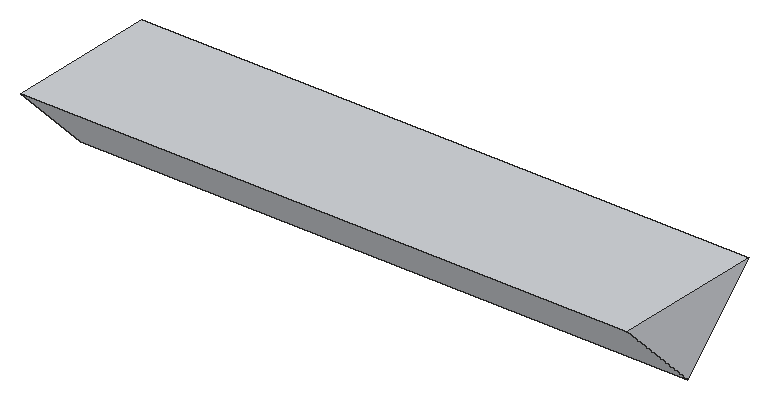
Revit family "2c267fe35bb94f63bd22b0df2c85b6a0", category Lighting Fixtures, host Face, Revit 2021
Family settings
  Host = Face
  Round Connector Dimension = Use Diameter
  Part Type = Normal
  OmniClass Number = 23.80.70.11.11
  OmniClass Title = General Luminaries, Non Directional
  Seek Item ID = Plain Recessed Lighting Fixture-0000-USA-ENU
  Cut with Voids When Loaded = No
  Light Source = Yes
  Shared = No
  Room Calculation Point = No
Parameters (values of type "1x4 - 120")
  Width = 1' - 0"
  Wattage = 64 W
  built-in parameter 1150110 = 1 (stored number, unit not read)
  built-in parameter 1150109 = 1 (stored number, unit not read)
  built-in parameter 1150134 = 8
  built-in parameter 1150113 = 1 (stored number, unit not read)
  Tilt Angle = -90.00°
  Lumens = 5699.84 lm
  built-in parameter 1114217 = 0.88 (stored number, unit not read)
  built-in parameter 1150115 = 1 (stored number, unit not read)
  built-in parameter 1150105 = 453.58 (stored number, unit not read)
  Load Classification = Lighting - Dwelling Unit
  built-in parameter 1150137 = 1
  built-in parameter 1150139 = (empty or 0)
  Length = 4' - 0"
  Photometric Web File = "1x42A12.ies"
  built-in parameter 1150112 = 1 (stored number, unit not read)
  built-in parameter 1150114 = 1 (stored number, unit not read)
  built-in parameter 1150132 = (empty or 0)
  built-in parameter 1150102 = (empty or 0)
  built-in parameter 1150138 = (empty or 0)
  built-in parameter 1150107 = 4230 (stored number, unit not read)
  built-in parameter 1150106 = 4.5358 (stored number, unit not read)
  Emit from Rectangle Width = Width  # 1' - 0"
  Emit from Rectangle Length = Length  # 4' - 0"
  Emit Shape Visible in Rendering = no
  built-in parameter 1150104 = 8.2739 (stored number, unit not read)
  Dimming Lamp Color Temperature Shift = <None>
  Depth = 0' - 6"
  Default Elevation = 4' - 0"
  Color Filter = 16777215
  built-in parameter 1140040 [instance] = 1
  Ballast Voltage = 120 V
  built-in parameter 1114218 = 0.88 (stored number, unit not read)
  built-in parameter 1150133 = 10 (stored number, unit not read)
  Assembly Code = ""
  Apparent Load = 64 VA
Types (8): name | Width | Wattage | Lumens | built-in parameter 1150105 | Length | Photometric Web File | built-in parameter 1150106 | Emit from Rectangle Width | Emit from Rectangle Length | built-in parameter 1150104 | Ballast Voltage | Apparent Load
  1x4 - 120 | 1' - 0" | 64 W | 5699.84 lm | 453.58 (stored number, unit not read) | 4' - 0" | "1x42A12.ies" | 4.5358 (stored number, unit not read) | 1' - 0" | 4' - 0" | 8.2739 (stored number, unit not read) | 120 V | 64 VA
  1x4 - 277 | 1' - 0" | 64 W | 5699.84 lm | 453.58 (stored number, unit not read) | 4' - 0" | "1x42A12.ies" | 4.5358 (stored number, unit not read) | 1' - 0" | 4' - 0" | 8.2739 (stored number, unit not read) | 277 V | 64 VA
  20x4 - 120 | 1' - 8" | 64 W | 5699.84 lm | 1657.5 (stored number, unit not read) | 4' - 0" | "20x42A12.ies" | 16.575 (stored number, unit not read) | 1' - 8" | 4' - 0" | 8.2739 (stored number, unit not read) | 120 V | 64 VA
  20x4 - 277 | 1' - 8" | 64 W | 5699.84 lm | 453.58 (stored number, unit not read) | 4' - 0" | "20x42A12.ies" | 4.5358 (stored number, unit not read) | 1' - 8" | 4' - 0" | 8.2739 (stored number, unit not read) | 277 V | 64 VA
  2x2 - 120 | 2' - 0" | 62 W | 5199.94 lm | 413.8 (stored number, unit not read) | 2' - 0" | "2x22UA12.ies" | 4.138 (stored number, unit not read) | 2' - 0" | 2' - 0" | 7.7918 (stored number, unit not read) | 120 V | 62 VA
  2x2 - 277 | 2' - 0" | 62 W | 5199.94 lm | 413.8 (stored number, unit not read) | 2' - 0" | "2x22UA12.ies" | 4.138 (stored number, unit not read) | 2' - 0" | 2' - 0" | 7.7918 (stored number, unit not read) | 277 V | 62 VA
  2x4 - 120 | 2' - 0" | 96 W | 8549.76 lm | 680.37 (stored number, unit not read) | 4' - 0" | "2x43A12.ies" | 6.8037 (stored number, unit not read) | 2' - 0" | 4' - 0" | 8.2739 (stored number, unit not read) | 120 V | 96 VA
  2x4 - 277 | 2' - 0" | 96 W | 8549.76 lm | 680.37 (stored number, unit not read) | 4' - 0" | "2x43A12.ies" | 6.8037 (stored number, unit not read) | 2' - 0" | 4' - 0" | 8.2739 (stored number, unit not read) | 277 V | 96 VA
Reference planes (in)
  plane 1 "Center (Front/Back)": y = 0
  plane 2: z = 0
  plane 3 "Center (Left/Right)": x = 0
  plane 4: x = 48
  plane 5: y = -12
  plane 6: z = -6
  plane 7: y = -6
  plane 8: x = 24
Forms (in)
  Extrusion 1, solid, detail levels medium
    sketch origin (0, 0, 0) x (1, 0, 0) y (0, 1, 0)
      loop
        line (-84, 83) -> (-84, -94.40654) -> (91.83112, -94.40654) -> (91.83112, 83) -> (-84, 83)
    from 0 to -12
  Extrusion 2, solid, detail levels fine
    sketch origin (0, -22.92492, 0) x (1, 0, 0) y (0, 1, 0)
      loop
        line (0, 22.92492) -> (0, 10.92492) -> (48, 10.92492) -> (48, 22.92492) -> (0, 22.92492)
    from 0 to -6
  Extrusion 3, void
    sketch origin (0, 0, 0) x (0, 1, 0) y (0, 0, 1)
      loop
        line (-12, 0) -> (-12, -6) -> (-6, -6) -> (-12, 0)
    from 50.7073 to -6
  Extrusion 4, void
    sketch origin (0, -12, 0) x (0, -1, 0) y (0, 0, -1)
      loop
        line (-12, 0) -> (-6, 6) -> (-12, 6) -> (-12, 0)
    from 50.7073 to -6
  Extrusion 5, solid, detail levels coarse+medium
    sketch origin (0, 0, 0) x (1, 0, 0) y (0, 1, 0)
      loop
        line (0, 0) -> (0, -12) -> (48, -12) -> (48, 0) -> (0, 0)
    from 0 to -6
Cuts and joins
  Extrusion 3, Extrusion 4 cuts Extrusion 2
Lines and regions (in)
  symbolic lines
    curve 1: line (0, 0, 0) -> (48, 0, 0)
    curve 2: line (48, 0, 0) -> (48, -12, 0)
    curve 3: line (48, -12, 0) -> (0, -12, 0)
    curve 4: line (0, -12, 0) -> (0, 0, 0)
    curve 5: line (0, 0, 0) -> (48, -12, 0)
Dimensions and locks (in)
  "Length": plane 3 "Center (Left/Right)" to plane 4
  "Width": plane 5 to plane 1 "Center (Front/Back)"
  "Depth": Extrusion 1 to plane 6
  "Depth": Extrusion 3 sketch curve to Extrusion 3 sketch curve  (x2)
  "Depth": Extrusion 4 sketch curve to Extrusion 4 sketch curve  (x2)
  equal spacing: plane 5, plane 7, plane 1 "Center (Front/Back)"
  equal spacing: plane 3 "Center (Left/Right)", plane 8, plane 4
  aligned and locked: Extrusion 1 to plane 2
  aligned and locked: Extrusion 1 to level
  aligned and locked: plane 3 "Center (Left/Right)" to Extrusion 2 sketch curve
  aligned and locked: plane 1 "Center (Front/Back)" to Extrusion 2 sketch curve
  aligned and locked: plane 5 to Extrusion 2 sketch curve
  aligned and locked: Extrusion 2 sketch curve to plane 4
  aligned and locked: Extrusion 2 to plane 6
  aligned and locked: plane 5 to Extrusion 2
  aligned and locked: plane 6 to Extrusion 3 sketch curve
  aligned and locked: plane 5 to Extrusion 3 sketch curve
  aligned and locked: Extrusion 5 to plane 1 "Center (Front/Back)"
  aligned and locked: Extrusion 5 to plane 3 "Center (Left/Right)"  (x2)
  aligned and locked: plane 4 to Extrusion 5
  aligned and locked: Extrusion 5 to plane 5
  aligned and locked: plane 4 to cut or joined group of Extrusion 2, Extrusion 3, Extrusion 4
  aligned and locked: cut or joined group of Extrusion 2, Extrusion 3, Extrusion 4 to plane 3 "Center (Left/Right)"
  aligned and locked: plane 3 "Center (Left/Right)" to curve 4
  aligned and locked: plane 3 "Center (Left/Right)" to curve 5
  aligned and locked: plane 4 to curve 5
  aligned and locked: curve 2 to plane 4
  aligned and locked: plane 5 to curve 3
  aligned and locked: plane 1 "Center (Front/Back)" to curve 1
  aligned and locked: plane 2 to imposter light
  aligned and locked: plane 7 to imposter light
  aligned and locked: plane 8 to imposter light
Automatic sketch dimensions
  Extrusion 4 sketch curve to plane 1 "Center (Front/Back)" = 0' - 0"
  Extrusion 4 sketch curve to plane 6 = 0' - 0"
  Extrusion 5 sketch curve to plane 3 "Center (Left/Right)" = 0' - 0"
  Extrusion 5 sketch curve to plane 5 = 0' - 0"
  Extrusion 5 sketch curve to plane 1 "Center (Front/Back)" = 0' - 0"
  Extrusion 5 sketch curve to plane 4 = 0' - 0"
  Extrusion 1 sketch curve to Extrusion 1 sketch curve = 14' - 7.83112"
  Extrusion 1 sketch curve to Extrusion 1 sketch curve = 14' - 9.40654"
Connectors (in)
  electrical at (24, -6, -6), driven by "Ballast Voltage", driven by "Apparent Load", driven by "Load Classification"
    settings: on Extrusion 5, index 1, voltage 120 V, apparent load 0 VA, apparent load phase1 64 VA, apparent load phase2 0 VA, apparent load phase3 0 VA, power factor 0.95, load classification "Lighting - Dwelling Unit", number of poles 1, system type 31, power factor state 1, is connector primary yes, connector utility no, sub classification motor no, connector description ""
